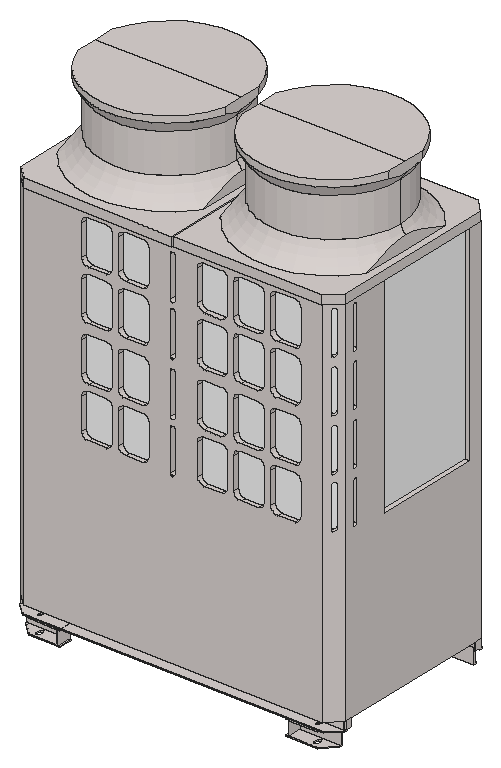
Revit family "PURY-EP350YNW-A1", category 機械設備, Revit 2016
Family settings
  パーツ タイプ = 標準
  丸型コネクタ寸法 = 半径を使用
  OmniClass 番号 = 23.75.00.00
  OmniClass タイトル = Climate Control (HVAC)
  作業面に基づく = いいえ
  常に垂直 = はい
  ロード時にボイドで切り取り = いいえ
  共有 = いいえ
  部屋の計算ポイント = いいえ
Parameters (values of type "PURY-EP350YNW-A1_415V_60Hz")
  モデル = "PURY-EP350YNW-A1"
  Width = 1240.000 mm
  WarrantyStart = ""
  Voltage = 415 V
  Unit Weight (kg) = 275
  URL = "http://www.mitsubishielectric.com/"
  製造元 = "Mitsubishi Electric Corporation"
  Temp. range of heating (Outdoor temp.) (W.B.) = "-20.0 to 15.5"
  Temp. range of heating (Indoor temp.) (D.B.) = "15.0 to 27.0"
  Temp. range of cooling (Outdoor temp.) (D.B.) = "-5.0 to 52.0"
  Temp. range of cooling (Indoor temp.) (W.B.) = "15.0 to 24.0"
  TagNumber = 0
  Subcategory = "HVAC"
  Space View = yes
  Sound Pressure Level (dB(A)) Heating mode = 64
  Sound Pressure Level (dB(A)) Cooling mode = 62.5
  SerialNumber = 0
  ReplacementYear = "0"
  Refrigerant type = "R410A"
  Refrigerant Charge (kg) = 8
  Protection Devices_Inverter circuit (COMP./FAN) = "Over-current protection"
  Protection Devices_High pressure (MPa) = "High pressure sensor, High pressure switch at 4.15"
  Phase = 3
  Outdoor unit Breaker size (A) = 40
  Note_1 = "Refrigerant pipe diameters may change depending on the installation condition. Please refer to the installation manual."
  Maximum Circuit Ampacity (A) = 24.4
  Low pressure pipe_radius = 14.290 mm
  InstallationDate = "0"
  Indoor Unit Total Capacity = "50 to 150% of outdoor unit capacity"
  Indoor Unit Model/Quantity = "P10 to P250/1 to 35"
  High pressure pipe_radius = 9.525 mm
  Hertz = 60 Hz
  Height = 1858.000 mm
  Heating SCOP (kW/kW) = 4.12
  Heating Rated Load Ampacity (A) = 17.1
  Heating Power Input (kW) = 11.08
  Heating Power Input (Nominal) (kW) = 9.23
  Heating Current Input (Nominal) (A) = 14.2
  Heating Current Input (A) = 17.1
  Heating Capacity (kW) = 45
  Heating Capacity (Nominal) (kW) = 40
  Heating COP (kW/kW) = 4.06
  Heating COP (Nominal) (kW/kW) = 4.33
  Fan_Type = "Propeller Fan"
  Fan_Quantity = 2
  Fan Motor Output (kW) = 0.92
  External static pressure (Pa) = 0
  External Finish = "Pre-coated galvanized steel sheets (+powder coating for -BS type) <MUNSELL 5Y 8/1 or similar>"
  Equip_description = ""
  Equip_No. = 0
  Equip_ID = ""
  Description = ""
  Depth = 740.000 mm
  CreatedOn = ""
  CreatedBy = ""
  Cooling SEER (kW/kW) = 6.66
  Cooling Rated Load Ampacity (A) = 15.4
  Cooling Power Input (kW) = 9.97
  Cooling EER (kW/kW) = 4.01
  Cooling Current Input (A) = 15.4
  Cooling Capacity (kW) = 40
  Compressor_Type = "Inverter scroll hermetic compressor"
  Compressor_Quantity = 1
  Compressor_Lubricant = "MEL32"
  Compressor Motor Output (kW) = "8.7"
  Category = "0"
  Barcode = "0"
  AssetIdentifier = "0"
  Airflow Rate (m3/min) = 250
  Airflow Rate (m3/h) = 15000
Reference planes
  plane 1 "Center (Front/Back)": y = 0
  plane 2: z = 0
  plane 3 "Center (Left/Right)": x = 0
  plane 4: y = 370
  plane 5: z = 1858
  plane 6: y = -260
  plane 7: y = -204
  plane 8: y = -185
  plane 9: x = -620
  plane 10: x = 620
  plane 11: x = -620
  plane 12: z = 716
  plane 13: x = -524
  plane 14: z = 669
  plane 15: x = -50.5
  plane 16: x = 51
  plane 17: x = 489
  plane 18: x = 467
  plane 19 "132": x = 488
  plane 20 "100": z = 160
  plane 21: z = 185
  plane 22: x = 413
  plane 23: x = 364
  plane 24: z = 150
  plane 25: x = -287.25
  plane 26: x = -137.25
  plane 27: x = -272.25
  plane 28: y = -278
  plane 29: z = 1509
  plane 30: y = -370
  plane 31: x = -530
  plane 32: x = 530
  plane 33 "179": y = -191
Forms (mm)
  Extrusion 1, solid, material "Paint_5Y 8/1"
    sketch origin (-1, 0, 113) x (-1, 0, 0) y (0, -1, 0)
      loop
        line (569, -370) -> (619, -320) -> (619, 320) -> (569, 370) -> (-571, 370) -> (-621, 320) -> (-621, -320) -> (-571, -370) -> (569, -370)
    from -18 to 1408
  Extrusion 2, void
    sketch origin (524, -370, 113) x (1, 0, 0) y (0, 0, -1)
      loop
        arc (-60.8, -1393.5) -> (-42.557, -1385.943) -> (-35, -1367.7) r 25.8
        line (-35, -1367.7) -> (-35, -1248.5)
        arc (-35, -1248.5) -> (-42.557, -1230.257) -> (-60.8, -1222.7) r 25.8
        line (-60.8, -1222.7) -> (-126, -1222.7)
        arc (-126, -1222.7) -> (-144.243, -1230.257) -> (-151.8, -1248.5) r 25.8
        line (-151.8, -1248.5) -> (-151.8, -1367.7)
        arc (-151.8, -1367.7) -> (-144.243, -1385.943) -> (-126, -1393.5) r 25.8
        line (-126, -1393.5) -> (-60.8, -1393.5)
    from 0 to 20
  Extrusion 3, void
    sketch origin (524, -370, -81) x (1, 0, 0) y (0, 0, -1)
      loop
        arc (-60.8, -1393.5) -> (-42.557, -1385.943) -> (-35, -1367.7) r 25.8
        line (-35, -1367.7) -> (-35, -1248.5)
        arc (-35, -1248.5) -> (-42.557, -1230.257) -> (-60.8, -1222.7) r 25.8
        line (-60.8, -1222.7) -> (-126, -1222.7)
        arc (-126, -1222.7) -> (-144.243, -1230.257) -> (-151.8, -1248.5) r 25.8
        line (-151.8, -1248.5) -> (-151.8, -1367.7)
        arc (-151.8, -1367.7) -> (-144.243, -1385.943) -> (-126, -1393.5) r 25.8
        line (-126, -1393.5) -> (-60.8, -1393.5)
    from 0 to 20
  Extrusion 4, void
    sketch origin (524, -370, -287) x (1, 0, 0) y (0, 0, -1)
      loop
        arc (-60.8, -1393.5) -> (-42.557, -1385.943) -> (-35, -1367.7) r 25.8
        line (-35, -1367.7) -> (-35, -1248.5)
        arc (-35, -1248.5) -> (-42.557, -1230.257) -> (-60.8, -1222.7) r 25.8
        line (-60.8, -1222.7) -> (-126, -1222.7)
        arc (-126, -1222.7) -> (-144.243, -1230.257) -> (-151.8, -1248.5) r 25.8
        line (-151.8, -1248.5) -> (-151.8, -1367.7)
        arc (-151.8, -1367.7) -> (-144.243, -1385.943) -> (-126, -1393.5) r 25.8
        line (-126, -1393.5) -> (-60.8, -1393.5)
    from 0 to 20
  Extrusion 5, void
    sketch origin (524, -370, -481) x (1, 0, 0) y (0, 0, -1)
      loop
        arc (-60.8, -1393.5) -> (-42.557, -1385.943) -> (-35, -1367.7) r 25.8
        line (-35, -1367.7) -> (-35, -1248.5)
        arc (-35, -1248.5) -> (-42.557, -1230.257) -> (-60.8, -1222.7) r 25.8
        line (-60.8, -1222.7) -> (-126, -1222.7)
        arc (-126, -1222.7) -> (-144.243, -1230.257) -> (-151.8, -1248.5) r 25.8
        line (-151.8, -1248.5) -> (-151.8, -1367.7)
        arc (-151.8, -1367.7) -> (-144.243, -1385.943) -> (-126, -1393.5) r 25.8
        line (-126, -1393.5) -> (-60.8, -1393.5)
    from 0 to 20
  Extrusion 6, void
    sketch origin (384, -370, 113) x (1, 0, 0) y (0, 0, -1)
      loop
        arc (-60.8, -1393.5) -> (-42.557, -1385.943) -> (-35, -1367.7) r 25.8
        line (-35, -1367.7) -> (-35, -1248.5)
        arc (-35, -1248.5) -> (-42.557, -1230.257) -> (-60.8, -1222.7) r 25.8
        line (-60.8, -1222.7) -> (-126, -1222.7)
        arc (-126, -1222.7) -> (-144.243, -1230.257) -> (-151.8, -1248.5) r 25.8
        line (-151.8, -1248.5) -> (-151.8, -1367.7)
        arc (-151.8, -1367.7) -> (-144.243, -1385.943) -> (-126, -1393.5) r 25.8
        line (-126, -1393.5) -> (-60.8, -1393.5)
    from 0 to 20
  Extrusion 7, void
    sketch origin (384, -370, -81) x (1, 0, 0) y (0, 0, -1)
      loop
        arc (-60.8, -1393.5) -> (-42.557, -1385.943) -> (-35, -1367.7) r 25.8
        line (-35, -1367.7) -> (-35, -1248.5)
        arc (-35, -1248.5) -> (-42.557, -1230.257) -> (-60.8, -1222.7) r 25.8
        line (-60.8, -1222.7) -> (-126, -1222.7)
        arc (-126, -1222.7) -> (-144.243, -1230.257) -> (-151.8, -1248.5) r 25.8
        line (-151.8, -1248.5) -> (-151.8, -1367.7)
        arc (-151.8, -1367.7) -> (-144.243, -1385.943) -> (-126, -1393.5) r 25.8
        line (-126, -1393.5) -> (-60.8, -1393.5)
    from 0 to 20
  Extrusion 8, void
    sketch origin (384, -370, -287) x (1, 0, 0) y (0, 0, -1)
      loop
        arc (-60.8, -1393.5) -> (-42.557, -1385.943) -> (-35, -1367.7) r 25.8
        line (-35, -1367.7) -> (-35, -1248.5)
        arc (-35, -1248.5) -> (-42.557, -1230.257) -> (-60.8, -1222.7) r 25.8
        line (-60.8, -1222.7) -> (-126, -1222.7)
        arc (-126, -1222.7) -> (-144.243, -1230.257) -> (-151.8, -1248.5) r 25.8
        line (-151.8, -1248.5) -> (-151.8, -1367.7)
        arc (-151.8, -1367.7) -> (-144.243, -1385.943) -> (-126, -1393.5) r 25.8
        line (-126, -1393.5) -> (-60.8, -1393.5)
    from 0 to 20
  Extrusion 9, void
    sketch origin (384, -370, -481) x (1, 0, 0) y (0, 0, -1)
      loop
        arc (-60.8, -1393.5) -> (-42.557, -1385.943) -> (-35, -1367.7) r 25.8
        line (-35, -1367.7) -> (-35, -1248.5)
        arc (-35, -1248.5) -> (-42.557, -1230.257) -> (-60.8, -1222.7) r 25.8
        line (-60.8, -1222.7) -> (-126, -1222.7)
        arc (-126, -1222.7) -> (-144.243, -1230.257) -> (-151.8, -1248.5) r 25.8
        line (-151.8, -1248.5) -> (-151.8, -1367.7)
        arc (-151.8, -1367.7) -> (-144.243, -1385.943) -> (-126, -1393.5) r 25.8
        line (-126, -1393.5) -> (-60.8, -1393.5)
    from 0 to 20
  Extrusion 10, void
    sketch origin (244, -370, 113) x (1, 0, 0) y (0, 0, -1)
      loop
        arc (-60.8, -1393.5) -> (-42.557, -1385.943) -> (-35, -1367.7) r 25.8
        line (-35, -1367.7) -> (-35, -1248.5)
        arc (-35, -1248.5) -> (-42.557, -1230.257) -> (-60.8, -1222.7) r 25.8
        line (-60.8, -1222.7) -> (-126, -1222.7)
        arc (-126, -1222.7) -> (-144.243, -1230.257) -> (-151.8, -1248.5) r 25.8
        line (-151.8, -1248.5) -> (-151.8, -1367.7)
        arc (-151.8, -1367.7) -> (-144.243, -1385.943) -> (-126, -1393.5) r 25.8
        line (-126, -1393.5) -> (-60.8, -1393.5)
    from 0 to 20
  Extrusion 11, void
    sketch origin (244, -370, -81) x (1, 0, 0) y (0, 0, -1)
      loop
        arc (-60.8, -1393.5) -> (-42.557, -1385.943) -> (-35, -1367.7) r 25.8
        line (-35, -1367.7) -> (-35, -1248.5)
        arc (-35, -1248.5) -> (-42.557, -1230.257) -> (-60.8, -1222.7) r 25.8
        line (-60.8, -1222.7) -> (-126, -1222.7)
        arc (-126, -1222.7) -> (-144.243, -1230.257) -> (-151.8, -1248.5) r 25.8
        line (-151.8, -1248.5) -> (-151.8, -1367.7)
        arc (-151.8, -1367.7) -> (-144.243, -1385.943) -> (-126, -1393.5) r 25.8
        line (-126, -1393.5) -> (-60.8, -1393.5)
    from 0 to 20
  Extrusion 12, void
    sketch origin (244, -370, -287) x (1, 0, 0) y (0, 0, -1)
      loop
        arc (-60.8, -1393.5) -> (-42.557, -1385.943) -> (-35, -1367.7) r 25.8
        line (-35, -1367.7) -> (-35, -1248.5)
        arc (-35, -1248.5) -> (-42.557, -1230.257) -> (-60.8, -1222.7) r 25.8
        line (-60.8, -1222.7) -> (-126, -1222.7)
        arc (-126, -1222.7) -> (-144.243, -1230.257) -> (-151.8, -1248.5) r 25.8
        line (-151.8, -1248.5) -> (-151.8, -1367.7)
        arc (-151.8, -1367.7) -> (-144.243, -1385.943) -> (-126, -1393.5) r 25.8
        line (-126, -1393.5) -> (-60.8, -1393.5)
    from 0 to 20
  Extrusion 13, void
    sketch origin (244, -370, -481) x (1, 0, 0) y (0, 0, -1)
      loop
        arc (-60.8, -1393.5) -> (-42.557, -1385.943) -> (-35, -1367.7) r 25.8
        line (-35, -1367.7) -> (-35, -1248.5)
        arc (-35, -1248.5) -> (-42.557, -1230.257) -> (-60.8, -1222.7) r 25.8
        line (-60.8, -1222.7) -> (-126, -1222.7)
        arc (-126, -1222.7) -> (-144.243, -1230.257) -> (-151.8, -1248.5) r 25.8
        line (-151.8, -1248.5) -> (-151.8, -1367.7)
        arc (-151.8, -1367.7) -> (-144.243, -1385.943) -> (-126, -1393.5) r 25.8
        line (-126, -1393.5) -> (-60.8, -1393.5)
    from 0 to 20
  Extrusion 14, void
    sketch origin (-56, -370, 113) x (1, 0, 0) y (0, 0, -1)
      loop
        arc (-60.8, -1393.5) -> (-42.557, -1385.943) -> (-35, -1367.7) r 25.8
        line (-35, -1367.7) -> (-35, -1248.5)
        arc (-35, -1248.5) -> (-42.557, -1230.257) -> (-60.8, -1222.7) r 25.8
        line (-60.8, -1222.7) -> (-126, -1222.7)
        arc (-126, -1222.7) -> (-144.243, -1230.257) -> (-151.8, -1248.5) r 25.8
        line (-151.8, -1248.5) -> (-151.8, -1367.7)
        arc (-151.8, -1367.7) -> (-144.243, -1385.943) -> (-126, -1393.5) r 25.8
        line (-126, -1393.5) -> (-60.8, -1393.5)
    from 0 to 20
  Extrusion 15, void
    sketch origin (-56, -370, -81) x (1, 0, 0) y (0, 0, -1)
      loop
        arc (-60.8, -1393.5) -> (-42.557, -1385.943) -> (-35, -1367.7) r 25.8
        line (-35, -1367.7) -> (-35, -1248.5)
        arc (-35, -1248.5) -> (-42.557, -1230.257) -> (-60.8, -1222.7) r 25.8
        line (-60.8, -1222.7) -> (-126, -1222.7)
        arc (-126, -1222.7) -> (-144.243, -1230.257) -> (-151.8, -1248.5) r 25.8
        line (-151.8, -1248.5) -> (-151.8, -1367.7)
        arc (-151.8, -1367.7) -> (-144.243, -1385.943) -> (-126, -1393.5) r 25.8
        line (-126, -1393.5) -> (-60.8, -1393.5)
    from 0 to 20
  Extrusion 16, void
    sketch origin (-56, -370, -287) x (1, 0, 0) y (0, 0, -1)
      loop
        arc (-60.8, -1393.5) -> (-42.557, -1385.943) -> (-35, -1367.7) r 25.8
        line (-35, -1367.7) -> (-35, -1248.5)
        arc (-35, -1248.5) -> (-42.557, -1230.257) -> (-60.8, -1222.7) r 25.8
        line (-60.8, -1222.7) -> (-126, -1222.7)
        arc (-126, -1222.7) -> (-144.243, -1230.257) -> (-151.8, -1248.5) r 25.8
        line (-151.8, -1248.5) -> (-151.8, -1367.7)
        arc (-151.8, -1367.7) -> (-144.243, -1385.943) -> (-126, -1393.5) r 25.8
        line (-126, -1393.5) -> (-60.8, -1393.5)
    from 0 to 20
  Extrusion 17, void
    sketch origin (-56, -370, -481) x (1, 0, 0) y (0, 0, -1)
      loop
        arc (-60.8, -1393.5) -> (-42.557, -1385.943) -> (-35, -1367.7) r 25.8
        line (-35, -1367.7) -> (-35, -1248.5)
        arc (-35, -1248.5) -> (-42.557, -1230.257) -> (-60.8, -1222.7) r 25.8
        line (-60.8, -1222.7) -> (-126, -1222.7)
        arc (-126, -1222.7) -> (-144.243, -1230.257) -> (-151.8, -1248.5) r 25.8
        line (-151.8, -1248.5) -> (-151.8, -1367.7)
        arc (-151.8, -1367.7) -> (-144.243, -1385.943) -> (-126, -1393.5) r 25.8
        line (-126, -1393.5) -> (-60.8, -1393.5)
    from 0 to 20
  Extrusion 18, void
    sketch origin (-196, -370, 113) x (1, 0, 0) y (0, 0, -1)
      loop
        arc (-60.8, -1393.5) -> (-42.557, -1385.943) -> (-35, -1367.7) r 25.8
        line (-35, -1367.7) -> (-35, -1248.5)
        arc (-35, -1248.5) -> (-42.557, -1230.257) -> (-60.8, -1222.7) r 25.8
        line (-60.8, -1222.7) -> (-126, -1222.7)
        arc (-126, -1222.7) -> (-144.243, -1230.257) -> (-151.8, -1248.5) r 25.8
        line (-151.8, -1248.5) -> (-151.8, -1367.7)
        arc (-151.8, -1367.7) -> (-144.243, -1385.943) -> (-126, -1393.5) r 25.8
        line (-126, -1393.5) -> (-60.8, -1393.5)
    from 0 to 20
  Extrusion 19, void
    sketch origin (-196, -370, -81) x (1, 0, 0) y (0, 0, -1)
      loop
        arc (-60.8, -1393.5) -> (-42.557, -1385.943) -> (-35, -1367.7) r 25.8
        line (-35, -1367.7) -> (-35, -1248.5)
        arc (-35, -1248.5) -> (-42.557, -1230.257) -> (-60.8, -1222.7) r 25.8
        line (-60.8, -1222.7) -> (-126, -1222.7)
        arc (-126, -1222.7) -> (-144.243, -1230.257) -> (-151.8, -1248.5) r 25.8
        line (-151.8, -1248.5) -> (-151.8, -1367.7)
        arc (-151.8, -1367.7) -> (-144.243, -1385.943) -> (-126, -1393.5) r 25.8
        line (-126, -1393.5) -> (-60.8, -1393.5)
    from 0 to 20
  Extrusion 20, void
    sketch origin (-196, -370, -287) x (1, 0, 0) y (0, 0, -1)
      loop
        arc (-60.8, -1393.5) -> (-42.557, -1385.943) -> (-35, -1367.7) r 25.8
        line (-35, -1367.7) -> (-35, -1248.5)
        arc (-35, -1248.5) -> (-42.557, -1230.257) -> (-60.8, -1222.7) r 25.8
        line (-60.8, -1222.7) -> (-126, -1222.7)
        arc (-126, -1222.7) -> (-144.243, -1230.257) -> (-151.8, -1248.5) r 25.8
        line (-151.8, -1248.5) -> (-151.8, -1367.7)
        arc (-151.8, -1367.7) -> (-144.243, -1385.943) -> (-126, -1393.5) r 25.8
        line (-126, -1393.5) -> (-60.8, -1393.5)
    from 0 to 20
  Extrusion 21, void
    sketch origin (-196, -370, -481) x (1, 0, 0) y (0, 0, -1)
      loop
        arc (-60.8, -1393.5) -> (-42.557, -1385.943) -> (-35, -1367.7) r 25.8
        line (-35, -1367.7) -> (-35, -1248.5)
        arc (-35, -1248.5) -> (-42.557, -1230.257) -> (-60.8, -1222.7) r 25.8
        line (-60.8, -1222.7) -> (-126, -1222.7)
        arc (-126, -1222.7) -> (-144.243, -1230.257) -> (-151.8, -1248.5) r 25.8
        line (-151.8, -1248.5) -> (-151.8, -1367.7)
        arc (-151.8, -1367.7) -> (-144.243, -1385.943) -> (-126, -1393.5) r 25.8
        line (-126, -1393.5) -> (-60.8, -1393.5)
    from 0 to 20
  Extrusion 22, void
    sketch origin (620, 320, 113) x (0, 1, 0) y (0, 0, -1)
      loop
        line (-462.3, -1408) -> (-50.8, -1408) -> (-50.8, -612) -> (-462.3, -612) -> (-462.3, -1408)
    from 0 to 20
  Extrusion 23, void
    sketch origin (-620, -320, 113) x (0, -1, 0) y (0, 0, -1)
      loop
        line (-535.7, -1408) -> (-207.7, -1408) -> (-207.7, -592) -> (-535.7, -592) -> (-535.7, -1408)
    from 0 to 20
  Extrusion 24, void
    sketch origin (194.892, 370, 113) x (-1, 0, 0) y (0, 0, -1)
      loop
        arc (204.892, -1225.013) -> (194.892, -1215.013) -> (184.892, -1225.013) r 10
        line (184.892, -1225.013) -> (184.892, -1379.987)
        arc (184.892, -1379.987) -> (194.892, -1389.987) -> (204.892, -1379.987) r 10
        line (204.892, -1379.987) -> (204.892, -1225.013)
      loop
        arc (204.892, -1031.013) -> (194.892, -1021.013) -> (184.892, -1031.013) r 10
        line (184.892, -1031.013) -> (184.892, -1185.987)
        arc (184.892, -1185.987) -> (194.892, -1195.987) -> (204.892, -1185.987) r 10
        line (204.892, -1185.987) -> (204.892, -1031.013)
      loop
        arc (204.892, -825.013) -> (194.892, -815.013) -> (184.892, -825.013) r 10
        line (184.892, -825.013) -> (184.892, -979.987)
        arc (184.892, -979.987) -> (194.892, -989.987) -> (204.892, -979.987) r 10
        line (204.892, -979.987) -> (204.892, -825.013)
      loop
        arc (204.892, -631.013) -> (194.892, -621.013) -> (184.892, -631.013) r 10
        line (184.892, -631.013) -> (184.892, -785.987)
        arc (184.892, -785.987) -> (194.892, -795.987) -> (204.892, -785.987) r 10
        line (204.892, -785.987) -> (204.892, -631.013)
    from 0 to 20
  Extrusion 25, void
    sketch origin (-570, 370, 113) x (0.707107, 0.707107, 0) y (0, 0, 1)
      loop
        arc (-45.355, 1236) -> (-35.355, 1226) -> (-25.355, 1236) r 10
        line (-25.355, 1236) -> (-25.355, 1386)
        arc (-25.355, 1386) -> (-35.355, 1396) -> (-45.355, 1386) r 10
        line (-45.355, 1386) -> (-45.355, 1236)
      loop
        arc (-45.355, 1036) -> (-35.355, 1026) -> (-25.355, 1036) r 10
        line (-25.355, 1036) -> (-25.355, 1186)
        arc (-25.355, 1186) -> (-35.355, 1196) -> (-45.355, 1186) r 10
        line (-45.355, 1186) -> (-45.355, 1036)
      loop
        arc (-45.355, 836) -> (-35.355, 826) -> (-25.355, 836) r 10
        line (-25.355, 836) -> (-25.355, 986)
        arc (-25.355, 986) -> (-35.355, 996) -> (-45.355, 986) r 10
        line (-45.355, 986) -> (-45.355, 836)
      loop
        arc (-45.355, 641) -> (-35.355, 631) -> (-25.355, 641) r 10
        line (-25.355, 641) -> (-25.355, 791)
        arc (-25.355, 791) -> (-35.355, 801) -> (-45.355, 791) r 10
        line (-45.355, 791) -> (-45.355, 641)
    from 0 to 20
  Extrusion 26, void
    sketch origin (-620, -320, 113) x (0, -1, 0) y (0, 0, -1)
      loop
        line (-607.846, -1035.895) -> (-607.846, -1186.105)
        arc (-607.846, -1186.105) -> (-597.846, -1196.105) -> (-587.846, -1186.105) r 10
        line (-587.846, -1186.105) -> (-587.846, -1035.895)
        arc (-587.846, -1035.895) -> (-597.846, -1025.895) -> (-607.846, -1035.895) r 10
      loop
        line (-607.846, -835.895) -> (-607.846, -986.105)
        arc (-607.846, -986.105) -> (-597.846, -996.105) -> (-587.846, -986.105) r 10
        line (-587.846, -986.105) -> (-587.846, -835.895)
        arc (-587.846, -835.895) -> (-597.846, -825.895) -> (-607.846, -835.895) r 10
      loop
        line (-607.846, -1235.895) -> (-607.846, -1386.105)
        arc (-607.846, -1386.105) -> (-597.846, -1396.105) -> (-587.846, -1386.105) r 10
        line (-587.846, -1386.105) -> (-587.846, -1235.895)
        arc (-587.846, -1235.895) -> (-597.846, -1225.895) -> (-607.846, -1235.895) r 10
      loop
        line (-607.846, -635.895) -> (-607.846, -786.105)
        arc (-607.846, -786.105) -> (-597.846, -796.105) -> (-587.846, -786.105) r 10
        line (-587.846, -786.105) -> (-587.846, -635.895)
        arc (-587.846, -635.895) -> (-597.846, -625.895) -> (-607.846, -635.895) r 10
    from 0 to 20
  Extrusion 27, void
    sketch origin (1079, -370, 113) x (1, 0, 0) y (0, 0, -1)
      loop
        arc (-1089, -1379.975) -> (-1079, -1389.975) -> (-1069, -1379.975) r 10
        line (-1069, -1379.975) -> (-1069, -1225)
        arc (-1069, -1225) -> (-1079, -1215) -> (-1089, -1225) r 10
        line (-1089, -1225) -> (-1089, -1379.975)
      loop
        arc (-1089, -1185.975) -> (-1079, -1195.975) -> (-1069, -1185.975) r 10
        line (-1069, -1185.975) -> (-1069, -1031)
        arc (-1069, -1031) -> (-1079, -1021) -> (-1089, -1031) r 10
        line (-1089, -1031) -> (-1089, -1185.975)
      loop
        arc (-1089, -979.975) -> (-1079, -989.975) -> (-1069, -979.975) r 10
        line (-1069, -979.975) -> (-1069, -825)
        arc (-1069, -825) -> (-1079, -815) -> (-1089, -825) r 10
        line (-1089, -825) -> (-1089, -979.975)
      loop
        arc (-1089, -785.975) -> (-1079, -795.975) -> (-1069, -785.975) r 10
        line (-1069, -785.975) -> (-1069, -631)
        arc (-1069, -631) -> (-1079, -621) -> (-1089, -631) r 10
        line (-1089, -631) -> (-1089, -785.975)
    from 0 to 20
  Extrusion 28, void
    sketch origin (-571, 370, 113) x (-1, 0, 0) y (0, 0, -1)
      loop
        line (-519.5, -1408) -> (-48, -1408) -> (-48, -556) -> (-519.5, -556) -> (-519.5, -1408)
    from 0 to 20
  Extrusion 29, void
    sketch origin (-571, 370, 113) x (-1, 0, 0) y (0, 0, -1)
      loop
        line (-1038, -1408) -> (-622, -1408) -> (-622, -556) -> (-1038, -556) -> (-1038, -1408)
    from 0 to 20
  Extrusion 30, void
    sketch origin (620, 320, 113) x (0, 1, 0) y (0, 0, -1)
      loop
        arc (-588, -1035.791) -> (-598, -1025.791) -> (-608, -1035.791) r 10
        line (-608, -1035.791) -> (-608, -1186)
        arc (-608, -1186) -> (-598, -1196) -> (-588, -1186) r 10
        line (-588, -1186) -> (-588, -1035.791)
      loop
        arc (-588, -835.791) -> (-598, -825.791) -> (-608, -835.791) r 10
        line (-608, -835.791) -> (-608, -986)
        arc (-608, -986) -> (-598, -996) -> (-588, -986) r 10
        line (-588, -986) -> (-588, -835.791)
      loop
        arc (-588, -1235.791) -> (-598, -1225.791) -> (-608, -1235.791) r 10
        line (-608, -1235.791) -> (-608, -1386)
        arc (-608, -1386) -> (-598, -1396) -> (-588, -1386) r 10
        line (-588, -1386) -> (-588, -1235.791)
      loop
        arc (-588, -635.791) -> (-598, -625.791) -> (-608, -635.791) r 10
        line (-608, -635.791) -> (-608, -786)
        arc (-608, -786) -> (-598, -796) -> (-588, -786) r 10
        line (-588, -786) -> (-588, -635.791)
    from 0 to 20
  Extrusion 31, void
    sketch origin (1291.751, 351.751, 113) x (0.707107, 0.707107, 0) y (0, 0, -1)
      loop
        line (-995.311, -1236) -> (-995.311, -1386)
        arc (-995.311, -1386) -> (-985.311, -1396) -> (-975.311, -1386) r 10
        line (-975.311, -1386) -> (-975.311, -1236)
        arc (-975.311, -1236) -> (-985.311, -1226) -> (-995.311, -1236) r 10
      loop
        line (-995.311, -1036) -> (-995.311, -1186)
        arc (-995.311, -1186) -> (-985.311, -1196) -> (-975.311, -1186) r 10
        line (-975.311, -1186) -> (-975.311, -1036)
        arc (-975.311, -1036) -> (-985.311, -1026) -> (-995.311, -1036) r 10
      loop
        line (-995.311, -836) -> (-995.311, -986)
        arc (-995.311, -986) -> (-985.311, -996) -> (-975.311, -986) r 10
        line (-975.311, -986) -> (-975.311, -836)
        arc (-975.311, -836) -> (-985.311, -826) -> (-995.311, -836) r 10
      loop
        line (-995.311, -641) -> (-995.311, -791)
        arc (-995.311, -791) -> (-985.311, -801) -> (-975.311, -791) r 10
        line (-975.311, -791) -> (-975.311, -641)
        arc (-975.311, -641) -> (-985.311, -631) -> (-995.311, -641) r 10
    from 0 to 20
  Extrusion 32, void
    sketch origin (0, -191, 0) x (-1, 0, 0) y (0, 0, 1)
      loop
        circle (460, 176) r 9.525
    from 0 to 78.7
  Extrusion 33, void
    sketch origin (0, -191, 0) x (-1, 0, 0) y (0, 0, 1)
      loop
        circle (377, 176) r 14.29
    from 0 to 78.7
Cuts and joins
  Extrusion 2, Extrusion 3, Extrusion 4, Extrusion 5, Extrusion 6, Extrusion 7, Extrusion 8, Extrusion 9, Extrusion 10, Extrusion 11, Extrusion 12, Extrusion 13, Extrusion 14, Extrusion 15, Extrusion 16, Extrusion 17, Extrusion 18, Extrusion 19, Extrusion 20, Extrusion 21, Extrusion 22, Extrusion 23, Extrusion 24, Extrusion 25, Extrusion 26, Extrusion 27, Extrusion 28, Extrusion 29, Extrusion 30, Extrusion 31, Extrusion 32, Extrusion 33 cuts Extrusion 1
Lines and regions (mm)
  model lines
    curve 1: line (-351, -291, 95) -> (-481, -291, 95)
    curve 2: line (-342, -206, 95) -> (-342, -282, 95)
    curve 3: line (-481, -197, 95) -> (-351, -197, 95)
    curve 4: line (-492, -280, 95) -> (-492, -208, 95)
    curve 5: arc (-492, -280, 95) -> (-488.778, -287.778, 95) -> (-481, -291, 95) r 11
    curve 6: arc (-351, -291, 95) -> (-344.636, -288.364, 95) -> (-342, -282, 95) r 9
    curve 7: arc (-342, -206, 95) -> (-344.636, -199.636, 95) -> (-351, -197, 95) r 9
    curve 8: arc (-481, -197, 95) -> (-488.778, -200.222, 95) -> (-492, -208, 95) r 11
    curve 9: line (-30, -370, 1521) -> (-30, -370, 95)
    curve 10: line (30, -370, 1521) -> (30, -370, 95)
    curve 11: line (-485, -370, 215) -> (-357, -370, 215)
    curve 12: line (-495, -370, 141) -> (-495, -370, 205)
    curve 13: line (-357, -370, 131) -> (-485, -370, 131)
    curve 14: line (-347, -370, 205) -> (-347, -370, 141)
    curve 15: arc (-485, -370, 215) -> (-492.071, -370, 212.071) -> (-495, -370, 205) r 10
    curve 16: arc (-495, -370, 141) -> (-492.071, -370, 133.929) -> (-485, -370, 131) r 10
    curve 17: arc (-357, -370, 131) -> (-349.929, -370, 133.929) -> (-347, -370, 141) r 10
    curve 18: arc (-347, -370, 205) -> (-349.929, -370, 212.071) -> (-357, -370, 215) r 10
    curve 19: line (-405, -370, 1521) -> (-405, -370, 716)
    curve 20: line (620, -162.3, 1521) -> (620, -162.3, 95)
    curve 21: line (620, 289.2, 1521) -> (620, 289.2, 95)
    curve 22: line (620, -162.3, 705) -> (620, 289.2, 705)
    curve 23: line (620, -162.3, 725) -> (620, 289.2, 725)
    curve 24: line (620, -76.8, 583) -> (620, 203.2, 583)
    curve 25: line (620, 203.2, 563) -> (620, -76.8, 563)
    curve 26: arc (620, -76.8, 583) -> (620, -83.871, 580.071) -> (620, -86.8, 573) r 10
    curve 27: arc (620, -76.8, 563) -> (620, -83.871, 565.929) -> (620, -86.8, 573) r 10
    curve 28: arc (620, 203.2, 583) -> (620, 210.271, 580.071) -> (620, 213.2, 573) r 10
    curve 29: arc (620, 203.2, 563) -> (620, 210.271, 565.929) -> (620, 213.2, 573) r 10
    curve 30: line (620, -76.8, 478) -> (620, 203.2, 478)
    curve 31: line (620, 203.2, 458) -> (620, -76.8, 458)
    curve 32: arc (620, -76.8, 478) -> (620, -83.871, 475.071) -> (620, -86.8, 468) r 10
    curve 33: arc (620, -76.8, 458) -> (620, -83.871, 460.929) -> (620, -86.8, 468) r 10
    curve 34: arc (620, 203.2, 478) -> (620, 210.271, 475.071) -> (620, 213.2, 468) r 10
    curve 35: arc (620, 203.2, 458) -> (620, 210.271, 460.929) -> (620, 213.2, 468) r 10
    curve 36: line (620, -76.8, 373) -> (620, 203.2, 373)
    curve 37: line (620, 203.2, 353) -> (620, -76.8, 353)
    curve 38: arc (620, -76.8, 373) -> (620, -83.871, 370.071) -> (620, -86.8, 363) r 10
    curve 39: arc (620, -76.8, 353) -> (620, -83.871, 355.929) -> (620, -86.8, 363) r 10
    curve 40: arc (620, 203.2, 373) -> (620, 210.271, 370.071) -> (620, 213.2, 363) r 10
    curve 41: arc (620, 203.2, 353) -> (620, 210.271, 355.929) -> (620, 213.2, 363) r 10
    curve 42: line (620, -76.8, 268) -> (620, 203.2, 268)
    curve 43: line (620, 203.2, 248) -> (620, -76.8, 248)
    curve 44: arc (620, -76.8, 268) -> (620, -83.871, 265.071) -> (620, -86.8, 258) r 10
    curve 45: arc (620, -76.8, 248) -> (620, -83.871, 250.929) -> (620, -86.8, 258) r 10
    curve 46: arc (620, 203.2, 268) -> (620, 210.271, 265.071) -> (620, 213.2, 258) r 10
    curve 47: arc (620, 203.2, 248) -> (620, 210.271, 250.929) -> (620, 213.2, 258) r 10
    curve 48: line (-620, -162.3, 1521) -> (-620, -162.3, 95)
    curve 49: line (-620, 235.7, 1521) -> (-620, 235.7, 95)
    curve 50: line (-620, -112.3, 1521) -> (-620, -112.3, 705)
    curve 51: line (-620, 215.7, 1521) -> (-620, 215.7, 705)
    curve 52: line (-620, 235.7, 705) -> (-620, -162.3, 705)
    curve 53: line (-620, 176.7, 268) -> (-620, -103.3, 268)
    curve 54: line (-620, -103.3, 248) -> (-620, 176.7, 248)
    curve 55: arc (-620, 186.7, 258) -> (-620, 183.771, 265.071) -> (-620, 176.7, 268) r 10
    curve 56: arc (-620, 176.7, 248) -> (-620, 183.771, 250.929) -> (-620, 186.7, 258) r 10
    curve 57: arc (-620, -103.3, 268) -> (-620, -110.371, 265.071) -> (-620, -113.3, 258) r 10
    curve 58: arc (-620, -113.3, 258) -> (-620, -110.371, 250.929) -> (-620, -103.3, 248) r 10
    curve 59: line (-620, 176.7, 373) -> (-620, -103.3, 373)
    curve 60: line (-620, -103.3, 353) -> (-620, 176.7, 353)
    curve 61: arc (-620, 186.7, 363) -> (-620, 183.771, 370.071) -> (-620, 176.7, 373) r 10
    curve 62: arc (-620, 176.7, 353) -> (-620, 183.771, 355.929) -> (-620, 186.7, 363) r 10
    curve 63: arc (-620, -103.3, 373) -> (-620, -110.371, 370.071) -> (-620, -113.3, 363) r 10
    curve 64: arc (-620, -113.3, 363) -> (-620, -110.371, 355.929) -> (-620, -103.3, 353) r 10
    curve 65: line (-620, 176.7, 478) -> (-620, -103.3, 478)
    curve 66: line (-620, -103.3, 458) -> (-620, 176.7, 458)
    curve 67: arc (-620, 186.7, 468) -> (-620, 183.771, 475.071) -> (-620, 176.7, 478) r 10
    curve 68: arc (-620, 176.7, 458) -> (-620, 183.771, 460.929) -> (-620, 186.7, 468) r 10
    curve 69: arc (-620, -103.3, 478) -> (-620, -110.371, 475.071) -> (-620, -113.3, 468) r 10
    curve 70: arc (-620, -113.3, 468) -> (-620, -110.371, 460.929) -> (-620, -103.3, 458) r 10
    curve 71: line (-620, 176.7, 583) -> (-620, -103.3, 583)
    curve 72: line (-620, -103.3, 563) -> (-620, 176.7, 563)
    curve 73: arc (-620, 186.7, 573) -> (-620, 183.771, 580.071) -> (-620, 176.7, 583) r 10
    curve 74: arc (-620, 176.7, 563) -> (-620, 183.771, 565.929) -> (-620, 186.7, 573) r 10
    curve 75: arc (-620, -103.3, 583) -> (-620, -110.371, 580.071) -> (-620, -113.3, 573) r 10
    curve 76: arc (-620, -113.3, 573) -> (-620, -110.371, 565.929) -> (-620, -103.3, 563) r 10
    curve 77: line (-544, 370, 1521) -> (-544, 370, 95)
    curve 78: line (489, 370, 649) -> (30, 370, 649)
    curve 79: line (-30.5, 370, 649) -> (-544, 370, 649)
    curve 80: line (-147.25, 370, 584) -> (-427.25, 370, 584)
    curve 81: line (-427.25, 370, 564) -> (-147.25, 370, 564)
    curve 82: arc (-137.25, 370, 574) -> (-140.179, 370, 581.071) -> (-147.25, 370, 584) r 10
    curve 83: arc (-147.25, 370, 564) -> (-140.179, 370, 566.929) -> (-137.25, 370, 574) r 10
    curve 84: arc (-427.25, 370, 584) -> (-434.321, 370, 581.071) -> (-437.25, 370, 574) r 10
    curve 85: arc (-437.25, 370, 574) -> (-434.321, 370, 566.929) -> (-427.25, 370, 564) r 10
    curve 86: circle (448, -185, 1521) r 15 normal (0, 0, 1)
    curve 87: circle (468, -185, 95) r 26 normal (0, 0, 1)
    curve 88: circle (448, -260, 95) r 32.5 normal (0, 0, 1)
    curve 89: circle (404, -204, 95) r 17 normal (0, 0, 1)
    curve 90: line (-550, -370, 1521) -> (-550, -370, 95)
    curve 91: line (-550, -370, 716) -> (-30, -370, 716)
    curve 92: line (550, -370, 95) -> (550, -370, 1521)
    curve 93: line (30, -370, 716) -> (550, -370, 716)
    curve 94: line (-30.5, 370, 1521) -> (-30.5, 370, 95)
    curve 95: line (30, 370, 1521) -> (30, 370, 95)
    curve 96: line (489, 370, 1521) -> (489, 370, 95)
    curve 97: line (467, 370, 669) -> (467, 370, 649)
    curve 98: line (-352, -370, 223) -> (-550, -370, 223)
    curve 99: line (-342, -370, 213) -> (-342, -370, 95)
    curve 100: arc (-342, -370, 213) -> (-344.929, -370, 220.071) -> (-352, -370, 223) r 10
    curve 101: circle (488, -370, 160) r 32.5 normal (0, -1, 0)
    curve 102: circle (488, -370, 160) r 20 normal (0, -1, 0)
    curve 103: circle (364, -370, 150) r 17 normal (0, -1, 0)
    curve 104: circle (413, -370, 185) r 26 normal (0, -1, 0)
    curve 105: circle (413, -370, 185) r 13.5 normal (0, -1, 0)
    curve 106: line (352, -370, 223) -> (550, -370, 223)
    curve 107: line (342, -370, 213) -> (342, -370, 95)
    curve 108: arc (342, -370, 213) -> (344.929, -370, 220.071) -> (352, -370, 223) r 10
    curve 109: line (-147.25, 370, 479) -> (-427.25, 370, 479)
    curve 110: line (-427.25, 370, 459) -> (-147.25, 370, 459)
    curve 111: arc (-137.25, 370, 469) -> (-140.179, 370, 476.071) -> (-147.25, 370, 479) r 10
    curve 112: arc (-147.25, 370, 459) -> (-140.179, 370, 461.929) -> (-137.25, 370, 469) r 10
    curve 113: arc (-427.25, 370, 479) -> (-434.321, 370, 476.071) -> (-437.25, 370, 469) r 10
    curve 114: arc (-437.25, 370, 469) -> (-434.321, 370, 461.929) -> (-427.25, 370, 459) r 10
    curve 115: line (-147.25, 370, 374) -> (-427.25, 370, 374)
    curve 116: line (-427.25, 370, 354) -> (-147.25, 370, 354)
    curve 117: arc (-137.25, 370, 364) -> (-140.179, 370, 371.071) -> (-147.25, 370, 374) r 10
    curve 118: arc (-147.25, 370, 354) -> (-140.179, 370, 356.929) -> (-137.25, 370, 364) r 10
    curve 119: arc (-427.25, 370, 374) -> (-434.321, 370, 371.071) -> (-437.25, 370, 364) r 10
    curve 120: arc (-437.25, 370, 364) -> (-434.321, 370, 356.929) -> (-427.25, 370, 354) r 10
    curve 121: line (-147.25, 370, 269) -> (-427.25, 370, 269)
    curve 122: line (-427.25, 370, 249) -> (-147.25, 370, 249)
    curve 123: arc (-137.25, 370, 259) -> (-140.179, 370, 266.071) -> (-147.25, 370, 269) r 10
    curve 124: arc (-147.25, 370, 249) -> (-140.179, 370, 251.929) -> (-137.25, 370, 259) r 10
    curve 125: arc (-427.25, 370, 269) -> (-434.321, 370, 266.071) -> (-437.25, 370, 259) r 10
    curve 126: arc (-437.25, 370, 259) -> (-434.321, 370, 251.929) -> (-427.25, 370, 249) r 10
    curve 127: line (399.5, 370, 584) -> (119.5, 370, 584)
    curve 128: line (119.5, 370, 564) -> (399.5, 370, 564)
    curve 129: arc (409.5, 370, 574) -> (406.571, 370, 581.071) -> (399.5, 370, 584) r 10
    curve 130: arc (399.5, 370, 564) -> (406.571, 370, 566.929) -> (409.5, 370, 574) r 10
    curve 131: arc (119.5, 370, 584) -> (112.429, 370, 581.071) -> (109.5, 370, 574) r 10
    curve 132: arc (109.5, 370, 574) -> (112.429, 370, 566.929) -> (119.5, 370, 564) r 10
    curve 133: line (399.5, 370, 479) -> (119.5, 370, 479)
    curve 134: line (119.5, 370, 459) -> (399.5, 370, 459)
    curve 135: arc (409.5, 370, 469) -> (406.571, 370, 476.071) -> (399.5, 370, 479) r 10
    curve 136: arc (399.5, 370, 459) -> (406.571, 370, 461.929) -> (409.5, 370, 469) r 10
    curve 137: arc (119.5, 370, 479) -> (112.429, 370, 476.071) -> (109.5, 370, 469) r 10
    curve 138: arc (109.5, 370, 469) -> (112.429, 370, 461.929) -> (119.5, 370, 459) r 10
    curve 139: line (399.5, 370, 374) -> (119.5, 370, 374)
    curve 140: line (119.5, 370, 354) -> (399.5, 370, 354)
    curve 141: arc (409.5, 370, 364) -> (406.571, 370, 371.071) -> (399.5, 370, 374) r 10
    curve 142: arc (399.5, 370, 354) -> (406.571, 370, 356.929) -> (409.5, 370, 364) r 10
    curve 143: arc (119.5, 370, 374) -> (112.429, 370, 371.071) -> (109.5, 370, 364) r 10
    curve 144: arc (109.5, 370, 364) -> (112.429, 370, 356.929) -> (119.5, 370, 354) r 10
    curve 145: line (399.5, 370, 269) -> (119.5, 370, 269)
    curve 146: line (119.5, 370, 249) -> (399.5, 370, 249)
    curve 147: arc (409.5, 370, 259) -> (406.571, 370, 266.071) -> (399.5, 370, 269) r 10
    curve 148: arc (399.5, 370, 249) -> (406.571, 370, 251.929) -> (409.5, 370, 259) r 10
    curve 149: arc (119.5, 370, 269) -> (112.429, 370, 266.071) -> (109.5, 370, 259) r 10
    curve 150: arc (109.5, 370, 259) -> (112.429, 370, 251.929) -> (119.5, 370, 249) r 10
    curve 151: line (399.5, -370, 584) -> (119.5, -370, 584)
    curve 152: line (119.5, -370, 564) -> (399.5, -370, 564)
    curve 153: arc (409.5, -370, 574) -> (406.571, -370, 581.071) -> (399.5, -370, 584) r 10
    curve 154: arc (399.5, -370, 564) -> (406.571, -370, 566.929) -> (409.5, -370, 574) r 10
    curve 155: arc (119.5, -370, 584) -> (112.429, -370, 581.071) -> (109.5, -370, 574) r 10
    curve 156: arc (109.5, -370, 574) -> (112.429, -370, 566.929) -> (119.5, -370, 564) r 10
    curve 157: line (399.5, -370, 479) -> (119.5, -370, 479)
    curve 158: line (119.5, -370, 459) -> (399.5, -370, 459)
    curve 159: arc (409.5, -370, 469) -> (406.571, -370, 476.071) -> (399.5, -370, 479) r 10
    curve 160: arc (399.5, -370, 459) -> (406.571, -370, 461.929) -> (409.5, -370, 469) r 10
    curve 161: arc (119.5, -370, 479) -> (112.429, -370, 476.071) -> (109.5, -370, 469) r 10
    curve 162: arc (109.5, -370, 469) -> (112.429, -370, 461.929) -> (119.5, -370, 459) r 10
    curve 163: line (399.5, -370, 374) -> (119.5, -370, 374)
    curve 164: line (119.5, -370, 354) -> (399.5, -370, 354)
    curve 165: arc (409.5, -370, 364) -> (406.571, -370, 371.071) -> (399.5, -370, 374) r 10
    curve 166: arc (399.5, -370, 354) -> (406.571, -370, 356.929) -> (409.5, -370, 364) r 10
    curve 167: arc (119.5, -370, 374) -> (112.429, -370, 371.071) -> (109.5, -370, 364) r 10
    curve 168: arc (109.5, -370, 364) -> (112.429, -370, 356.929) -> (119.5, -370, 354) r 10
    curve 169: arc (119.5, -370, 269) -> (112.429, -370, 266.071) -> (109.5, -370, 259) r 10
    curve 170: arc (109.5, -370, 259) -> (112.429, -370, 251.929) -> (119.5, -370, 249) r 10
    curve 171: line (-147.25, -370, 584) -> (-427.25, -370, 584)
    curve 172: line (-427.25, -370, 564) -> (-147.25, -370, 564)
    curve 173: arc (-137.25, -370, 574) -> (-140.179, -370, 581.071) -> (-147.25, -370, 584) r 10
    curve 174: arc (-147.25, -370, 564) -> (-140.179, -370, 566.929) -> (-137.25, -370, 574) r 10
    curve 175: arc (-427.25, -370, 584) -> (-434.321, -370, 581.071) -> (-437.25, -370, 574) r 10
    curve 176: arc (-437.25, -370, 574) -> (-434.321, -370, 566.929) -> (-427.25, -370, 564) r 10
    curve 177: line (-147.25, -370, 479) -> (-427.25, -370, 479)
    curve 178: line (-427.25, -370, 459) -> (-147.25, -370, 459)
    curve 179: arc (-137.25, -370, 469) -> (-140.179, -370, 476.071) -> (-147.25, -370, 479) r 10
    curve 180: arc (-147.25, -370, 459) -> (-140.179, -370, 461.929) -> (-137.25, -370, 469) r 10
    curve 181: arc (-427.25, -370, 479) -> (-434.321, -370, 476.071) -> (-437.25, -370, 469) r 10
    curve 182: arc (-437.25, -370, 469) -> (-434.321, -370, 461.929) -> (-427.25, -370, 459) r 10
    curve 183: line (-147.25, -370, 374) -> (-427.25, -370, 374)
    curve 184: line (-427.25, -370, 354) -> (-147.25, -370, 354)
    curve 185: arc (-137.25, -370, 364) -> (-140.179, -370, 371.071) -> (-147.25, -370, 374) r 10
    curve 186: arc (-147.25, -370, 354) -> (-140.179, -370, 356.929) -> (-137.25, -370, 364) r 10
    curve 187: arc (-427.25, -370, 374) -> (-434.321, -370, 371.071) -> (-437.25, -370, 364) r 10
    curve 188: arc (-437.25, -370, 364) -> (-434.321, -370, 356.929) -> (-427.25, -370, 354) r 10
    curve 189: line (-147.25, -370, 269) -> (-262.25, -370, 269)
    curve 190: line (-262.25, -370, 249) -> (-147.25, -370, 249)
    curve 191: arc (-137.25, -370, 259) -> (-140.179, -370, 266.071) -> (-147.25, -370, 269) r 10
    curve 192: arc (-147.25, -370, 249) -> (-140.179, -370, 251.929) -> (-137.25, -370, 259) r 10
    curve 193: arc (-262.25, -370, 269) -> (-269.321, -370, 266.071) -> (-272.25, -370, 259) r 10
    curve 194: arc (-272.25, -370, 259) -> (-269.321, -370, 251.929) -> (-262.25, -370, 249) r 10
    curve 195: line (234.5, -370, 269) -> (119.5, -370, 269)
    curve 196: line (119.5, -370, 249) -> (234.5, -370, 249)
    curve 197: arc (244.5, -370, 259) -> (241.571, -370, 266.071) -> (234.5, -370, 269) r 10
    curve 198: arc (234.5, -370, 249) -> (241.571, -370, 251.929) -> (244.5, -370, 259) r 10
Dimensions and locks
  nested 2 to nested 2 = 303.000 mm
  cut or joined group 1 (Extrusion 1, Extrusion 2, Extrusion 3, Extrusion 4, Extrusion 5, Extrusion 6, Extrusion 7, Extrusion 8, Extrusion 9, Extrusion 10, Extrusion 11, Extrusion 12, Extrusion 13, Extrusion 14, Extrusion 15, Extrusion 16, Extrusion 17, Extrusion 18, Extrusion 19, Extrusion 20, Extrusion 21, Extrusion 22, Extrusion 23, Extrusion 24, Extrusion 25, Extrusion 26, Extrusion 27, Extrusion 28, Extrusion 29, Extrusion 30, Extrusion 31, Extrusion 32, Extrusion 33) to cut or joined group 1 = 1240.000 mm
  Extrusion 2 sketch curve to Extrusion 2 sketch curve = 116.800 mm
  Extrusion 2 sketch curve to Extrusion 2 sketch curve = 170.800 mm
  Extrusion 3 sketch curve to Extrusion 3 sketch curve = 116.800 mm
  Extrusion 3 sketch curve to Extrusion 3 sketch curve = 170.800 mm
  Extrusion 4 sketch curve to Extrusion 4 sketch curve = 116.800 mm
  Extrusion 4 sketch curve to Extrusion 4 sketch curve = 170.800 mm
  Extrusion 5 sketch curve to Extrusion 5 sketch curve = 116.800 mm
  Extrusion 5 sketch curve to Extrusion 5 sketch curve = 170.800 mm
  Extrusion 6 sketch curve to Extrusion 6 sketch curve = 116.800 mm
  Extrusion 6 sketch curve to Extrusion 6 sketch curve = 170.800 mm
  Extrusion 7 sketch curve to Extrusion 7 sketch curve = 116.800 mm
  Extrusion 7 sketch curve to Extrusion 7 sketch curve = 170.800 mm
  Extrusion 8 sketch curve to Extrusion 8 sketch curve = 116.800 mm
  Extrusion 8 sketch curve to Extrusion 8 sketch curve = 170.800 mm
  Extrusion 9 sketch curve to Extrusion 9 sketch curve = 116.800 mm
  Extrusion 9 sketch curve to Extrusion 9 sketch curve = 170.800 mm
  cut or joined group 1 to cut or joined group 1 = 50.000 mm  (x2)
  Extrusion 10 sketch curve to Extrusion 10 sketch curve = 116.800 mm
  Extrusion 10 sketch curve to Extrusion 10 sketch curve = 170.800 mm
  Extrusion 11 sketch curve to Extrusion 11 sketch curve = 116.800 mm
  Extrusion 11 sketch curve to Extrusion 11 sketch curve = 170.800 mm
  Extrusion 12 sketch curve to Extrusion 12 sketch curve = 116.800 mm
  Extrusion 12 sketch curve to Extrusion 12 sketch curve = 170.800 mm
  Extrusion 13 sketch curve to Extrusion 13 sketch curve = 116.800 mm
  Extrusion 13 sketch curve to Extrusion 13 sketch curve = 170.800 mm
  Extrusion 14 sketch curve to Extrusion 14 sketch curve = 116.800 mm
  Extrusion 14 sketch curve to Extrusion 14 sketch curve = 170.800 mm
  Extrusion 15 sketch curve to Extrusion 15 sketch curve = 116.800 mm
  Extrusion 15 sketch curve to Extrusion 15 sketch curve = 170.800 mm
  Extrusion 16 sketch curve to Extrusion 16 sketch curve = 116.800 mm
  Extrusion 16 sketch curve to Extrusion 16 sketch curve = 170.800 mm
  Extrusion 17 sketch curve to Extrusion 17 sketch curve = 116.800 mm
  Extrusion 17 sketch curve to Extrusion 17 sketch curve = 170.800 mm
  Extrusion 18 sketch curve to Extrusion 18 sketch curve = 116.800 mm
  Extrusion 18 sketch curve to Extrusion 18 sketch curve = 170.800 mm
  Extrusion 19 sketch curve to Extrusion 19 sketch curve = 116.800 mm
  Extrusion 19 sketch curve to Extrusion 19 sketch curve = 170.800 mm
  Extrusion 20 sketch curve to Extrusion 20 sketch curve = 116.800 mm
  Extrusion 20 sketch curve to Extrusion 20 sketch curve = 170.800 mm
  Extrusion 21 sketch curve to Extrusion 21 sketch curve = 116.800 mm
  Extrusion 21 sketch curve to Extrusion 21 sketch curve = 170.800 mm
  plane 3 "Center (Left/Right)" to cut or joined group 1 = 620.000 mm
  cut or joined group 1 to plane 3 "Center (Left/Right)" = 620.000 mm
  Extrusion 1 sketch curve to Extrusion 1 sketch curve = 1240.000 mm
  cut or joined group 1 to plane 8 = 185.000 mm
  cut or joined group 1 to plane 7 = 166.000 mm
  cut or joined group 1 to plane 6 = 110.000 mm
  cut or joined group 1 to plane 12 to cut or joined group 1 = 805.000 mm, 621.000 mm
  plane 5 to plane 2 = 1858.000 mm  (x2)
  cut or joined group 1 to plane 19 "132" = 132.000 mm
  cut or joined group 1 to plane 22 = 207.000 mm
  cut or joined group 1 to plane 23 = 256.000 mm
  cut or joined group 1 to plane 6 = 60.000 mm
  cut or joined group 1 to cut or joined group 1 = 42.154 mm
  cut or joined group 1 to cut or joined group 1 = 11.895 mm
  nested 1 to nested 3 to level = 1798.000 mm, 60.000 mm
  nested 1 to nested 1 = 303.000 mm
  nested 1 to nested 3 = 1495.000 mm
  nested 8 to nested 8 to nested 8 to nested 7 to nested 7 to nested 7 = 54.000 mm, 20.000 mm, 592.000 mm, 20.000 mm, 54.000 mm
  nested 3 to nested 3 = 56.000 mm
  plane 11 to plane 31 to plane 32 to cut or joined group 1 = 90.000 mm, 1060.000 mm, 90.000 mm
  curve 103 to nested 7 = 90.000 mm
  curve 104 to nested 7 = 125.000 mm
  curve 101 to nested 7 = 100.000 mm
  curve 11 to curve 13 to nested 7 = 84.000 mm, 71.000 mm
  cut or joined group 1 to curve 12 to curve 14 = 125.000 mm, 148.000 mm
  nested 2 to nested 7 = 1495.000 mm
  curve 87 to cut or joined group 1 = 152.000 mm
